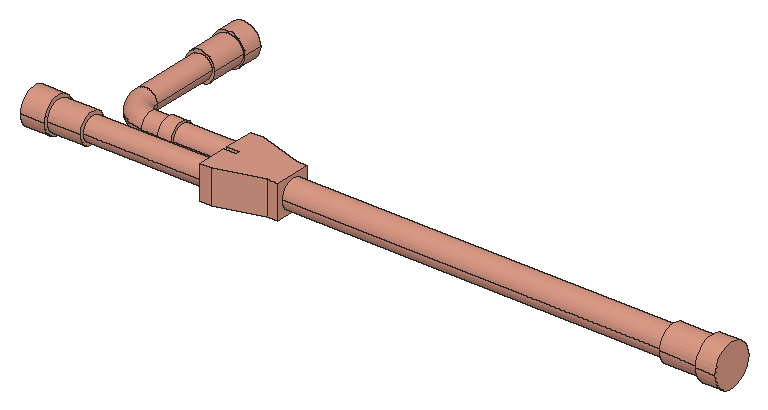
Revit family "outputfile", category 配管付属品, Revit 2024
Family settings
  丸型コネクタ寸法 = 半径を使用
  パーツ タイプ = 標準
  OmniClass 番号 = 23.65.55.00
  OmniClass タイトル = Distribution of Supplied Liquids/Gases
  作業面ベース = いいえ
  常に垂直 = はい
  ロード時にボイドで切り取り = いいえ
  共有 = いいえ
Parameters (values of type "BHFP26R135")
  Description = ""
  製造元 = "Daikin"
  書き出し IFC クラス(タイプ) = "IfcPipeFittingType"
  Default Elevation = 0.0 mm
  定義済み IFC タイプ(タイプ) = "JUNCTION"
  Cost = 0
  モデル = "BHFP26R135"
  Type Comments = ""
  Keynote = ""
  Type Image = (empty or 0)
  Assembly Code = ""
  table_PipeToCU_B [instance] = if(mm⇔inch, "Multi Module Kit_BHFP26R-_Gas_PipeToCU_B", "Multi Module Kit_BHFP26R-_Gas_PipeToCU_B_inch")  # "Multi Module Kit_BHFP26R-_Gas_PipeToCU_B"
  table_PipeToCU_A [instance] = if(mm⇔inch, "Multi Module Kit_BHFP26R-_Gas_PipeToCU_A", "Multi Module Kit_BHFP26R-_Gas_PipeToCU_A_inch")  # "Multi Module Kit_BHFP26R-_Gas_PipeToCU_A"
  table_ToMainPipe [instance] = if(mm⇔inch, "Multi Module Kit_BHFP26R-_Gas_ToMainPipe", "Multi Module Kit_BHFP26R-_Gas_ToMainPipe_inch")  # "Multi Module Kit_BHFP26R-_Gas_ToMainPipe"
  switch_PipeToCU_B Reducer [instance] = if(and(Is_PipeToCU_B Reducer = 1, judge_IsOffsetPipe_ToOutdoorUnitB = 0), 1 = 1, 1 = 0)  # no
  switch_PipeToCU_B4 [instance] = if(number_PipeToCU_B < 4, 1 = 0, 1 = 1)  # no
  switch_PipeToCU_B3 [instance] = if(number_PipeToCU_B < 3, 1 = 0, 1 = 1)  # no
  switch_PipeToCU_B2 [instance] = if(number_PipeToCU_B < 2, 1 = 0, 1 = 1)  # yes
  switch_PipeToCU_A Reducer [instance] = if(Is_PipeToCU_A Reducer = 1, 1 = 1, 1 = 0)  # yes
  switch_ToMainPipe Reducer [instance] = if(Is_ToMainPipe Reducer = 1, 1 = 1, 1 = 0)  # no
  switch_ToMainPipe2 [instance] = if(number_ToMainPipe < 2, 1 = 0, 1 = 1)  # yes
  switch_Offset Reducer(4) [instance] = if(and([judge_JointType(1or2)] = 1, Is_PipeToCU_B Reducer = 1, judge_IsOffsetPipe_ToOutdoorUnitB = 1), 1 = 1, 1 = 0)  # no
  switch_Offset Reducer(3) [instance] = if(and([judge_JointType(1or2)] = 2, Is_PipeToCU_B Reducer = 1, judge_IsOffsetPipe_ToOutdoorUnitB = 1), 1 = 1, 1 = 0)  # no
  r_PipeToCU_B_ActualDiameter [instance] = PipeToCU_B_Gas_ActualDiameter / 2  # 17.45 mm
  r_PipeToCU_A_ActualDiameter [instance] = PipeToCU_A_Gas_ActualDiameter / 2  # 17.45 mm
  r_ToMainPipe_ActualDiameter [instance] = ToMainPipe_Gas_ActualDiameter / 2  # 20.65 mm
  number_PipeToCU_B ReducerPipe [instance] = size_lookup(table_PipeToCU_B, "reducerPipeNumber", 0, モデル, judge_IsOffsetPipe_ToOutdoorUnitB, PipeToCU_B_Gas_ActualDiameter)  # 0
  number_PipeToCU_B [instance] = size_lookup(table_PipeToCU_B, "pipeNumber", 2, モデル, judge_IsOffsetPipe_ToOutdoorUnitB, PipeToCU_B_Gas_ActualDiameter)  # 2
  number_PipeToCU_A ReducerPipe [instance] = size_lookup(table_PipeToCU_A, "reducerPipeNumber", 2, モデル, PipeToCU_A_Gas_ActualDiameter)  # 2
  number_ToMainPipe [instance] = size_lookup(table_ToMainPipe, "pipeNumber", 2, モデル, ToMainPipe_Gas_ActualDiameter)  # 2
  mm⇔inch [instance] = yes
  location_PipeToCU_A ReducerCenter [instance] = size_lookup(table_PipeToCU_A, "LocationCenter", 46.5 mm, モデル)  # 46.5 mm
  l_PipeToCU_A Reducer2 [instance] = size_lookup(table_PipeToCU_A, "L_ReducerPipe2", 20.0 mm, モデル)  # 20.0 mm
  l_PipeToCU_A Reducer1 [instance] = size_lookup(table_PipeToCU_A, "L_ReducerPipe1", 36.0 mm, モデル)  # 36.0 mm
  l_PipeToCU_A Reducer0 [instance] = size_lookup(table_PipeToCU_A, "L_ReducerPipe0", 100.0 mm, モデル)  # 100.0 mm
  Unit Type = "BHFP26R-_Gas"
  Uniclass2015Version = "Products v1.31"
  Uniclass2015Title = "Copper pipe fittings"
  Uniclass2015Code = "Pr_65_52_63_18"
  URL = ""
  ToMainPipe_Gas_Status [instance] = size_lookup(table_ToMainPipe, "Information", "The connected pipe size is not available.", モデル, ToMainPipe_Gas_ActualDiameter)  # "Default connector size is used."
  ToMainPipe_Gas_ActualDiameter [instance] = 41.3 mm
  Tag No. [instance] = ""
  Series = "Multi Module kit"
  PipeToCU_B_Gas_Status [instance] = size_lookup(table_PipeToCU_B, "Information", "The connected pipe size is not available.", モデル, judge_IsOffsetPipe_ToOutdoorUnitB, PipeToCU_B_Gas_ActualDiameter)  # "Default connector size is used."
  PipeToCU_B_Gas_ActualDiameter [instance] = 34.9 mm
  PipeToCU_A_Gas_Status [instance] = size_lookup(table_PipeToCU_A, "Information", "The connected pipe size is not available.", モデル, PipeToCU_A_Gas_ActualDiameter)  # "Reducer is used at connector."
  PipeToCU_A_Gas_ActualDiameter [instance] = 34.9 mm
  Material_Piping = DAIKIN_Copper_Pipe
  Material_Insulation = DAIKIN_White_Insulation
  location_PipeToCU_B connector [instance] = size_lookup(table_PipeToCU_B, "Locationconnector", 0.0 mm, モデル, judge_IsOffsetPipe_ToOutdoorUnitB, PipeToCU_B_Gas_ActualDiameter)  # 0.0 mm
  location_PipeToCU_A connector [instance] = size_lookup(table_PipeToCU_A, "Locationconnector", 120.0 mm, モデル, PipeToCU_A_Gas_ActualDiameter)  # 120.0 mm
  l_PipeToCU_B connector [instance] = size_lookup(table_PipeToCU_B, "Length", 185.0 mm, モデル, judge_IsOffsetPipe_ToOutdoorUnitB, PipeToCU_B_Gas_ActualDiameter)  # 185.0 mm
  l_PipeToCU_B Reducer [instance] = 100.0 mm  # constant formula
  l_PipeToCU_B4 [instance] = size_lookup(table_PipeToCU_B, "L_Pipe4", 2.0 mm, モデル)  # 2.0 mm
  l_PipeToCU_B3 [instance] = size_lookup(table_PipeToCU_B, "L_Pipe3", 2.0 mm, モデル)  # 2.0 mm
  l_PipeToCU_B2 [instance] = size_lookup(table_PipeToCU_B, "L_Pipe2", 25.0 mm, モデル)  # 25.0 mm
  l_PipeToCU_B1 [instance] = size_lookup(table_PipeToCU_B, "L_Pipe1", 35.0 mm, モデル)  # 35.0 mm
  l_PipeToCU_B0 [instance] = size_lookup(table_PipeToCU_B, "L_Pipe0", 125.0 mm, モデル)  # 125.0 mm
  l_PipeToCU_A connector [instance] = size_lookup(table_PipeToCU_A, "Length", 156.0 mm, モデル, PipeToCU_A_Gas_ActualDiameter)  # 156.0 mm
  l_PipeToCU_A1 [instance] = size_lookup(table_PipeToCU_A, "L_Pipe1", 14.0 mm, モデル)  # 14.0 mm
  l_PipeToCU_A0 [instance] = size_lookup(table_PipeToCU_A, "L_Pipe0", 59.5 mm, モデル)  # 59.5 mm
  l_ToMainPipe connector [instance] = size_lookup(table_ToMainPipe, "Length", 457.0 mm, モデル, ToMainPipe_Gas_ActualDiameter)  # 457.0 mm
  l_ToMainPipe Reducer [instance] = size_lookup(table_ToMainPipe, "L_Reducer", 2.0 mm, モデル, ToMainPipe_Gas_ActualDiameter)  # 2.0 mm
  l_ToMainPipe2 [instance] = size_lookup(table_ToMainPipe, "L_Pipe2", 20.0 mm, モデル)  # 20.0 mm
  l_ToMainPipe1 [instance] = size_lookup(table_ToMainPipe, "L_Pipe1", 40.0 mm, モデル)  # 40.0 mm
  l_ToMainPipe0 [instance] = size_lookup(table_ToMainPipe, "L_Pipe0", 397.0 mm, モデル)  # 397.0 mm
  judge_IsOffsetPipe_ToOutdoorUnitB [instance] = if(OffsetPipe_ToNextCU, 1, 0)  # 0
  judge_JointType(1or2) = 2
  count_PipeToCU_B Reducer [instance] = size_lookup(table_PipeToCU_B, "reducerCount", 0, モデル, judge_IsOffsetPipe_ToOutdoorUnitB, PipeToCU_B_Gas_ActualDiameter)  # 0
  count_PipeToCU_A Reducer [instance] = size_lookup(table_PipeToCU_A, "reducerCount", 1, モデル, PipeToCU_A_Gas_ActualDiameter)  # 1
  angle_PipeToCU_A Pipe [instance] = if(RotateBranchPipetoCU_A_90°, 90.00°, 0.00°)  # 0.00°
  angle_PipeToCU_A Connector [instance] = angle_PipeToCU_A Pipe + 90.00°  # 90.00°
  PipeToCU_B_Gas_AvailableDiameter [instance] = size_lookup(table_PipeToCU_B, "sizeVariation", "", モデル, judge_IsOffsetPipe_ToOutdoorUnitB)  # "28.6/34.9mm"
  PipeToCU_A_Gas_AvailableDiameter [instance] = size_lookup(table_PipeToCU_A, "sizeVariation", "", モデル)  # "28.6/34.9mm"
  ToMainPipe_Gas_AvailableDiameter [instance] = size_lookup(table_ToMainPipe, "sizeVariation", "", モデル)  # "34.9/41.3mm"
  RotateBranchPipetoCU_A_90° [instance] = no
  OffsetPipe_ToNextCU [instance] = no
  O.D_ToMainPipe Reducer [instance] = size_lookup(table_ToMainPipe, "O.D_reducer", 2.0 mm, モデル, ToMainPipe_Gas_ActualDiameter)  # 2.0 mm
  Link_Nested Family [instance] = ""
  Is_PipeToCU_B Reducer [instance] = size_lookup(table_PipeToCU_B, "IsReducer", 0, モデル, judge_IsOffsetPipe_ToOutdoorUnitB, PipeToCU_B_Gas_ActualDiameter)  # 0
  Is_PipeToCU_A Reducer [instance] = size_lookup(table_PipeToCU_A, "IsReducer", 1, モデル, PipeToCU_A_Gas_ActualDiameter)  # 1
  Is_ToMainPipe Reducer [instance] = size_lookup(table_ToMainPipe, "IsReducer", 0, モデル, ToMainPipe_Gas_ActualDiameter)  # 0
  IfcVersion = ""
  IfcExportType = "JUNCTION"
  IfcExportAs = "IfcPipeFittingType"
  Attach_Insulation [instance] = no
  I.D_PipeToCU_B4 [instance] = size_lookup(table_PipeToCU_B, "I.D_PipeSize4", 2.0 mm, モデル)  # 2.0 mm
  I.D_PipeToCU_B3 [instance] = size_lookup(table_PipeToCU_B, "I.D_PipeSize3", 2.0 mm, モデル)  # 2.0 mm
  I.D_PipeToCU_B2 [instance] = size_lookup(table_PipeToCU_B, "I.D_PipeSize2", 34.9 mm, モデル)  # 34.9 mm
  I.D_PipeToCU_B1 [instance] = size_lookup(table_PipeToCU_B, "I.D_PipeSize1", 28.6 mm, モデル)  # 28.6 mm
  I.D_PipeToCU_B0 [instance] = size_lookup(table_PipeToCU_B, "I.D_PipeSize0", 22.2 mm, モデル)  # 22.2 mm
  I.D_PipeToCU_A1 [instance] = 25.4 mm  # constant formula
  I.D_PipeToCU_A0 [instance] = 22.2 mm  # constant formula
  I.D_ToMainPipe Reducer [instance] = size_lookup(table_ToMainPipe, "I.D_reducer", 2.0 mm, モデル, ToMainPipe_Gas_ActualDiameter)  # 2.0 mm
  I.D_ToMainPipe2 [instance] = size_lookup(table_ToMainPipe, "I.D_PipeSize2", 41.3 mm, モデル)  # 41.3 mm
  I.D_ToMainPipe1 [instance] = size_lookup(table_ToMainPipe, "I.D_PipeSize1", 34.9 mm, モデル)  # 34.9 mm
  I.D_ToMainPipe0 [instance] = size_lookup(table_ToMainPipe, "I.D_PipeSize0", 27.1 mm, モデル)  # 27.1 mm
Reference planes
  plane 1 "Center (Front/Back)": y = 0
  plane 2: z = 0
  plane 3 "Center (Left/Right)": x = 225.65
  plane 4: x = 205.65
  plane 5: x = 165.65
  plane 6: x = -231.35
  plane 7: x = -301.35
  plane 8: x = -374.85
  plane 9: x = -426.35
  plane 10: x = -461.35
  plane 11: x = -486.35
  plane 12: x = -488.35
  plane 13: x = -490.35
  plane 14 "offset_center": y = 17.5
  plane 15: y = -17.491
  plane 16: x = -360.85
  plane 17: x = -189.75
  plane 18 "ToMainPipe_connector": x = 225.65
  plane 19 "connector_OutdoorunitA": x = -421.35
  plane 20 "connectorLocation_TooutdoorUnitB": y = -17.491
  plane 21 "connector_ToOutdoorUnitB": x = -486.35
Forms (mm)
  Extrusion 1, solid, material "DAIKIN_Copper_Pipe" <- "Material_Piping"
    sketch origin (0, 0, 0) x (1, 0, 0) y (0, 1, 0)
      loop
        line (-301.35, 1.998) -> (-289.35, 1.998) -> (-289.35, -1.998) -> (-301.35, -1.998) -> (-301.35, -33.29) -> (-289.35, -33.29) -> (-243.35, -19.109) -> (-231.35, -19.109) -> (-231.35, 18.821) -> (-243.35, 18.821) -> (-289.35, 33.29) -> (-301.35, 33.29) -> (-301.35, 1.998)
    from -17.5 to 17.5
Dimensions and locks
  locked: Extrusion 1 sketch curve to Extrusion 1 sketch curve at 37.93
  locked: Extrusion 1 sketch curve to Extrusion 1 sketch curve at 66.58
  plane 6 to plane 17 = 41.6 mm
  "l_PipeToCU_A0": plane 16 to plane 7
  "l_PipeToCU_A1": plane 8 to plane 16
  "l_PipeToCU_B0": plane 9 to plane 7
  "l_PipeToCU_B1": plane 10 to plane 9
  "l_PipeToCU_B2": plane 11 to plane 10
  "l_PipeToCU_B3": plane 12 to plane 11
  "l_PipeToCU_B4": plane 13 to plane 12
  locked: plane 7 to plane 6 at 70
  "l_ToMainPipe1": plane 5 to plane 4
  "l_ToMainPipe2": plane 4 to plane 3 "Center (Left/Right)"
  "l_ToMainPipe0": plane 6 to plane 5
  "l_ToMainPipe connector": plane 6 to plane 18 "ToMainPipe_connector"
  "location_PipeToCU_A connector": plane 19 "connector_OutdoorunitA" to plane 7
  "l_PipeToCU_B connector": plane 21 "connector_ToOutdoorUnitB" to plane 7
  "location_PipeToCU_B connector": plane 20 "connectorLocation_TooutdoorUnitB" to plane 15
  plane 14 "offset_center" to plane 1 "Center (Front/Back)" to plane 15 = 17.5 mm locked, 17.491 mm locked
  plane 10 to plane 7 = 160.0 mm
  aligned and locked: level to plane 2
  aligned and locked: plane 2 to nested 1
  aligned and locked: plane 1 "Center (Front/Back)" to nested 1
  aligned and locked: plane 3 "Center (Left/Right)" to nested 1
  aligned and locked: plane 4 to nested 1
  aligned and locked: plane 4 to nested 2
  aligned and locked: plane 5 to nested 2
  aligned and locked: plane 5 to nested 3
  aligned and locked: plane 6 to nested 3
  aligned and locked: plane 6 to Extrusion 1
  aligned and locked: Extrusion 1 to plane 7  (x2)
  aligned and locked: plane 7 to nested 4
  aligned and locked: plane 8 to nested 5
  aligned and locked: plane 16 to nested 5
  aligned and locked: nested 5 to plane 14 "offset_center"
  aligned and locked: nested 6 to plane 15
  aligned and locked: plane 7 to nested 6
  aligned and locked: plane 9 to nested 6
  aligned and locked: plane 10 to nested 7
  aligned and locked: plane 9 to nested 7
  aligned and locked: plane 11 to nested 8
  aligned and locked: plane 10 to nested 8
  aligned and locked: plane 12 to nested 9
  aligned and locked: plane 11 to nested 9
  aligned and locked: plane 13 to nested 10
  aligned and locked: plane 12 to nested 10
  aligned and locked: nested 10 to plane 15
  aligned and locked: nested 9 to plane 15
  aligned and locked: nested 8 to plane 15
  aligned and locked: nested 7 to plane 15
  aligned and locked: plane 1 "Center (Front/Back)" to nested 11
  aligned and locked: plane 17 to nested 11
  aligned and locked: plane 16 to nested 4
  aligned and locked: nested 12 to plane 14 "offset_center"
  aligned and locked: plane 8 to nested 12
  aligned and locked: nested 13 to plane 15
  aligned and locked: nested 14 to plane 15
  aligned and locked: plane 6 to nested 15
  aligned and locked: plane 1 "Center (Front/Back)" to nested 3
  aligned and locked: plane 14 "offset_center" to nested 16
  aligned and locked: nested 16 to plane 19 "connector_OutdoorunitA"
  aligned and locked: nested 17 to plane 20 "connectorLocation_TooutdoorUnitB"
  aligned and locked: nested 17 to plane 7
  aligned and locked: nested 13 to plane 10
  aligned and locked: nested 14 to plane 10
Automatic sketch dimensions
  Extrusion 1 sketch curve to plane 7 = 0.0 mm  (x2)
  Extrusion 1 sketch curve to plane 6 = 0.0 mm
  Extrusion 1 sketch curve to Extrusion 1 sketch curve = 12.0 mm  (x3)
  Extrusion 1 sketch curve to plane 1 "Center (Front/Back)" = 1.998 mm
  plane 14 "offset_center" to Extrusion 1 sketch curve = 1.321 mm
  Extrusion 1 sketch curve to plane 6 = 12.0 mm  (x2)
  Extrusion 1 sketch curve to plane 15 = 15.799 mm
  plane 1 "Center (Front/Back)" to Extrusion 1 sketch curve = 1.998 mm
Nested families
  nested 1: "daikin_Pipe" at (215.65, 0, 0), I.D_Pipe <- "I.D_ToMainPipe2", display <- "switch_ToMainPipe2", type "*"
    with length_Pipe 20.0 mm, display yes, O.D_Pipe 43.3 mm, I.D_Pipe 41.3 mm
  nested 2: "daikin_Pipe" at (185.65, 0, 0), I.D_Pipe <- "I.D_ToMainPipe1", type "*"
    with length_Pipe 40.0 mm, display yes, O.D_Pipe 36.9 mm, I.D_Pipe 34.9 mm
  nested 3: "daikin_Pipe" at (-32.85, 0, 0), I.D_Pipe <- "I.D_ToMainPipe0", type "*"
    with length_Pipe 397.0 mm, display yes, O.D_Pipe 29.1 mm, I.D_Pipe 27.1 mm
  nested 4: "daikin_Pipe" at (-331.1, 17.644, 0), I.D_Pipe <- "I.D_PipeToCU_A0", type "*"
    with length_Pipe 59.5 mm, display yes, O.D_Pipe 24.2 mm, I.D_Pipe 22.2 mm
  nested 5: "daikin_Pipe" at (-367.85, 17.5, 0), I.D_Pipe <- "I.D_PipeToCU_A1", type "*"
    with length_Pipe 14.0 mm, display yes, O.D_Pipe 27.4 mm, I.D_Pipe 25.4 mm
  nested 6: "daikin_Pipe" at (-363.85, -17.491, 0), I.D_Pipe <- "I.D_PipeToCU_B0", type "*"
    with length_Pipe 125.0 mm, display yes, O.D_Pipe 24.2 mm, I.D_Pipe 22.2 mm
  nested 7: "daikin_Pipe" at (-443.85, -17.491, 0), I.D_Pipe <- "I.D_PipeToCU_B1", type "*"
    with length_Pipe 35.0 mm, display yes, O.D_Pipe 30.6 mm, I.D_Pipe 28.6 mm
  nested 8: "daikin_Pipe" at (-473.85, -17.491, 0), I.D_Pipe <- "I.D_PipeToCU_B2", display <- "switch_PipeToCU_B2", type "*"
    with length_Pipe 25.0 mm, display yes, O.D_Pipe 36.9 mm, I.D_Pipe 34.9 mm
  nested 9: "daikin_Pipe" at (-487.35, -17.491, 0), display <- "switch_PipeToCU_B3", I.D_Pipe <- "I.D_PipeToCU_B3", visible <- "switch_PipeToCU_B3", type "*"
    with length_Pipe 2.0 mm, display no, O.D_Pipe 4.0 mm, I.D_Pipe 2.0 mm
  nested 10: "daikin_Pipe" at (-489.35, -17.491, 0), display <- "switch_PipeToCU_B4", I.D_Pipe <- "I.D_PipeToCU_B4", visible <- "switch_PipeToCU_B4", type "*"
    with length_Pipe 2.0 mm, display no, O.D_Pipe 4.0 mm, I.D_Pipe 2.0 mm
  nested 11: "daikin_MultiModeluKit_Insulation" at (-189.75, 0, 0), display <- "Attach_Insulation", type "*"
    with h 54.2 mm, display no, I.D_Outlet PipeSize 22.2 mm
  nested 12: "daikin_Multi Module kit_Reducer90_rotate" at (-374.85, 17.5, 0), number_reducerPipe <- "number_PipeToCU_A ReducerPipe", angle_Pipe <- "angle_PipeToCU_A Pipe", l_Pipe0 <- "l_PipeToCU_A Reducer0", l_Pipe1 <- "l_PipeToCU_A Reducer1", l_Pipe2 <- "l_PipeToCU_A Reducer2", location_center <- "location_PipeToCU_A ReducerCenter", type "*"
    with number_reducerPipe 2, location_center 46.5 mm, l_Pipe2 20.0 mm, l_Pipe1 36.0 mm, l_Pipe0 100.0 mm, display_Pipe2 yes, angle_Pipe 0.00°, I.D_connector 19.1 mm
  nested 13: "daikin_Multi Module kit_Reducer Offset1" at (-461.35, -17.491, 0), number_reducerPipe <- "number_PipeToCU_B ReducerPipe", visible <- "switch_Offset Reducer(3)", type "*"
    with number_reducerPipe 0, display_Pipe2 no
  nested 14: "daikin_Multi Module kit_Reducer Offset2" at (-461.35, -17.491, 0), number_reducerPipe <- "number_PipeToCU_B ReducerPipe", visible <- "switch_Offset Reducer(4)", I.D_connector <- "PipeToCU_B_Gas_ActualDiameter", type "*"
    with number_reducerPipe 0, display_Pipe2 no, I.D_connector 34.9 mm
  nested 15: "daikin_connector_rotate3" at (-231.35, 0, 0) x (0, 1, 0) z (0, 0, 1), length <- "l_ToMainPipe connector", type "daikin_connector_rotate3"
    with radius 10.0 mm, length 457.0 mm, angle_vertical 90.00°, angle_horizontal 0.00°
  nested 16: "daikin_connector_rotate3" at (-421.35, 17.5, 0) x (-1, 0, 0) z (0, 0, 1), length <- "l_PipeToCU_A connector", angle_vertical <- "angle_PipeToCU_A Connector", type "daikin_connector_rotate3"
    with radius 10.0 mm, length 156.0 mm, angle_vertical 90.00°, angle_horizontal 0.00°
  nested 17: "daikin_connector_rotate3" at (-301.35, -17.491, 0) x (0, -1, 0) z (0, 0, 1), length <- "l_PipeToCU_B connector", type "daikin_connector_rotate3"
    with radius 10.0 mm, length 185.0 mm, angle_vertical 90.00°, angle_horizontal 0.00°
Connectors
  piping at (225.65, 0, 0), diameter 41.3, driven by "r_ToMainPipe_ActualDiameter"
    settings: on nested 15, index 1, connector inside diameter 609.6 mm, connector length 0.0 mm, flow factor 0, pipe flow 0.00 m³/h, pressure drop 0.0 Pa, fitting loss kfactor 0, connector angle 0.00°, fixture units 0, engagement length 0.0 mm, angle of deflection 0.00°, flow configuration 0, flow direction 1, fitting loss method 0, system type 29, joint type 0, gender type 0, connector reference index -1, connector utility 0, adjustable connector no, is connector primary yes, connector description "Multi Module kit_to Main Pipe_Gas"
  piping at (-421.35, 173.5, 0), diameter 34.9, driven by "r_PipeToCU_A_ActualDiameter"
    settings: on nested 16, index 2, connector inside diameter 609.6 mm, connector length 0.0 mm, flow factor 0, pipe flow 0.00 m³/h, pressure drop 0.0 Pa, fitting loss kfactor 0, connector angle 0.00°, fixture units 0, engagement length 0.0 mm, angle of deflection 0.00°, flow configuration 0, flow direction 2, fitting loss method 0, system type 29, joint type 0, gender type 0, connector reference index -1, connector utility 0, adjustable connector no, is connector primary no, connector description "Multi Module kit_Piping to CU-A_Gas"
  piping at (-486.35, -17.491, 0), diameter 34.9, driven by "r_PipeToCU_B_ActualDiameter"
    settings: on nested 17, index 3, connector inside diameter 609.6 mm, connector length 0.0 mm, flow factor 0, pipe flow 0.00 m³/h, pressure drop 0.0 Pa, fitting loss kfactor 0, connector angle 0.00°, fixture units 0, engagement length 0.0 mm, angle of deflection 0.00°, flow configuration 0, flow direction 2, fitting loss method 0, system type 29, joint type 0, gender type 0, connector reference index -1, connector utility 0, adjustable connector no, is connector primary no, connector description "Multi Module kit_Piping to CU-B_Gas"
Definition of nested family "daikin_Pipe"
  Parameters (values of type "*")
    Default Elevation = 0.0 mm
    material = none
    length_Pipe [instance] = 150.0 mm
    display [instance] = yes
    O.D_Pipe [instance] = I.D_Pipe + 2.0 mm  # 27.0 mm
    I.D_Pipe [instance] = 25.0 mm
  Reference planes
    plane 1 "Center (Front/Back)": y = 0
    plane 2 "center(vertical)": z = 0
    plane 3 "Center (Left/Right)": x = 0
    plane 4 "left": x = -75
    plane 5 "right": x = 75
  Forms (mm)
    Extrusion 1, solid, material <- "material", visible <- "display"
      sketch origin (0, 0, 0) x (0, 1, 0) y (0, 0, 1)
        loop
          circle (0, 0) r 13.5
      from -75 to 75
  Dimensions and locks
    equal spacing: plane 4 "left", plane 3 "Center (Left/Right)", plane 5 "right"
    "length_Pipe": plane 4 "left" to plane 5 "right"
    "O.D_Pipe": diameter of Extrusion 1 sketch curve
    aligned and locked: level to plane 2 "center(vertical)"
    aligned and locked: plane 2 "center(vertical)" to Extrusion 1 sketch curve
    aligned and locked: plane 1 "Center (Front/Back)" to Extrusion 1 sketch curve
    aligned and locked: plane 5 "right" to Extrusion 1
    aligned and locked: Extrusion 1 to plane 4 "left"
Definition of nested family "daikin_Multi Module kit_Reducer90_rotate"
  Parameters (values of type "*")
    Default Elevation = 0.0 mm
    number_reducerPipe [instance] = 4
    material_Pipe = none
    location_center [instance] = 46.5 mm
    l_Pipe2 [instance] = 20.0 mm
    l_Pipe1 [instance] = 36.0 mm
    l_Pipe0 [instance] = 100.0 mm
    display_Pipe2 [instance] = if(number_reducerPipe < 2, 1 = 0, 1 = 1)  # yes
    angle_Pipe [instance] = 30.00°
    I.D_connector [instance] = 34.9 mm
  Reference planes
    plane 1 "Center (Front/Back)": y = 0
    plane 2: z = 0
    plane 3 "Center (Left/Right)": x = 0
  Dimensions and locks
    "angle_Pipe": angle plane 2 to nested 1
    aligned and locked: level to plane 2
  Nested families
    nested 1: "daikin_Multi Module kit_Reducer90" at (0, 0, 0) x (1, 0, 0) z (0, -0.5, 0.866), display_Pipe2 <- "display_Pipe2", I.D_connector <- "I.D_connector", l_Pipe0 <- "l_Pipe0", l_Pipe1 <- "l_Pipe1", l_Pipe2 <- "l_Pipe2", location_center <- "location_center", type "*"
      with display_Pipe2 yes, I.D_connector 34.9 mm
  Definition of nested family "daikin_Multi Module kit_Reducer90"
    Parameters (values of type "*")
      Default Elevation = 0.0 mm
      material_Pipe = none
      location_center [instance] = 46.5 mm
      l_Pipe2 [instance] = 20.0 mm
      l_Pipe1 [instance] = 36.0 mm
      l_Pipe0 [instance] = 100.0 mm
      display_Pipe2 [instance] = yes
      O.D_Pipe2 = 34.9 mm  # constant formula
      O.D_Pipe1 = 28.6 mm + 2.0 mm  # 30.6 mm
      O.D_Pipe0 = 23.8 mm  # constant formula
      I.D_connector [instance] = 0.0 mm
    Reference planes
      plane 1 "Center (Front/Back)": y = 0
      plane 2 "center_vertical": z = 0
      plane 3 "Center (Left/Right)": x = 0
      plane 4 "center_toOutdoor": x = -46.5
      plane 5: y = 100
      plane 6: y = 136
      plane 7: y = 156
    Forms (mm)
      Sweep 1, solid, material <- "material_Pipe"
        path origin (0, 0, 0) x (1, 0, 0) y (0, 1, 0)
          loop
            line (0, 0) -> (-18.241, 0)
            arc (-18.241, 0) -> (-38.223, 8.277) -> (-46.5, 28.259) r 28.259
            line (-46.5, 28.259) -> (-46.5, 100)
        profile origin (-9.12, 0, 0) x (0, -1, 0) y (0, 0, 1)
          loop
            circle (0, 0) r 11.9
      Extrusion 2, solid, material <- "material_Pipe"
        sketch origin (0, 0, 0) x (1, 0, 0) y (0, 0, 1)
          loop
            circle (-46.5, 0) r 15.3
        from -136 to -100
      Extrusion 3, solid, material <- "material_Pipe", visible <- "display_Pipe2"
        sketch origin (75, -2.05, 0) x (1, 0, 0) y (0, 0, 1)
          loop
            circle (-121.5, 0) r 17.45
        from -158.05 to -138.05
    Lines and regions (mm)
      reference lines
        curve 1: line (0, 0, 0) -> (-46.5, 0, 0)
    Dimensions and locks
      "l_Pipe0": plane 1 "Center (Front/Back)" to plane 5
      "l_Pipe1": plane 6 to plane 5
      "l_Pipe2": plane 7 to plane 6
      "location_center": plane 4 "center_toOutdoor" to plane 3 "Center (Left/Right)"
      "O.D_Pipe2": diameter of Extrusion 3 sketch curve
      "O.D_Pipe0": diameter of Sweep 1 sketch curve
      "O.D_Pipe1": diameter of Extrusion 2 sketch curve
      aligned and locked: level to plane 2 "center_vertical"
      aligned and locked: plane 6 to Extrusion 2
      aligned and locked: Extrusion 2 to plane 5
      aligned and locked: Extrusion 3 to plane 6
      aligned and locked: Sweep 1 sketch curve to plane 1 "Center (Front/Back)"
      aligned and locked: plane 3 "Center (Left/Right)" to curve 1
      aligned and locked: curve 1 to plane 1 "Center (Front/Back)"
      aligned and locked: plane 7 to Extrusion 3
    Automatic sketch dimensions
      Sweep 1 sketch curve to plane 4 "center_toOutdoor" = 0.0 mm
      Sweep 1 sketch curve to plane 3 "Center (Left/Right)" = 0.0 mm
      Sweep 1 sketch curve to plane 5 = 0.0 mm
      Sweep 1 sketch curve to plane 3 "Center (Left/Right)" = 18.241 mm
      curve 1 to plane 4 "center_toOutdoor" = 0.0 mm
      Sweep 1 sketch curve to level = 0.0 mm
      Sweep 1 sketch curve to profile plane = 0.0 mm
      Extrusion 2 sketch curve to level = 0.0 mm
      Extrusion 2 sketch curve to plane 4 "center_toOutdoor" = 0.0 mm
      Extrusion 3 sketch curve to level = 0.0 mm
      Extrusion 3 sketch curve to plane 4 "center_toOutdoor" = 0.0 mm
Definition of nested family "daikin_Multi Module kit_Reducer Offset1"
  Parameters (values of type "*")
    Default Elevation = 0.0 mm
    number_reducerPipe [instance] = 4
    material = none
    display_Pipe2 [instance] = if(number_reducerPipe < 2, 1 = 0, 1 = 1)  # yes
    O.D_Pipe2 = 34.9 mm + 2.0 mm  # 36.9 mm
    O.D_Pipe1 = 28.6 mm + 2.0 mm  # 30.6 mm
    O.D_Pipe0 = 28.6 mm  # constant formula
  Reference planes
    plane 1 "Center (Front/Back)": y = 0
    plane 2: z = 0
    plane 3 "Center (Left/Right)": x = 0
    plane 4: y = -35
    plane 5: x = -252
    plane 6: x = -300
    plane 7: x = -310
  Forms (mm)
    Extrusion 1, solid, material <- "material"
      sketch origin (-56.734, 401.522, 0) x (0, 1, 0) y (0, 0, 1)
        loop
          circle (-436.522, 0) r 15.3
      from -243.266 to -195.266
    Sweep 2, solid, material <- "material"
      path origin (0, 0, 0) x (1, 0, 0) y (0, 1, 0)
        loop
          line (0, 0) -> (-49.684, 0)
          arc (-49.684, 0) -> (-59.87, -1.319) -> (-69.384, -5.188) r 40
          line (-69.384, -5.188) -> (-112.9, -29.812)
          arc (-112.9, -29.812) -> (-122.414, -33.681) -> (-132.6, -35) r 40
          line (-132.6, -35) -> (-252, -35)
      profile origin (-24.842, 0, 0) x (0, -1, 0) y (0, 0, 1)
        loop
          circle (0, 0) r 14.3
    Extrusion 3, solid, material <- "material", visible <- "display_Pipe2"
      sketch origin (-94.334, 366.344, 0) x (0, 1, 0) y (0, 0, 1)
        loop
          circle (-401.344, 0) r 18.45
      from -215.666 to -205.666
  Dimensions and locks
    locked: plane 4 to plane 1 "Center (Front/Back)" at 35
    locked: plane 6 to plane 5 at 48
    locked: plane 7 to plane 6 at 10
    plane 5 to plane 3 "Center (Left/Right)" = 252.0 mm
    locked: Sweep 2 sketch curve to plane 3 "Center (Left/Right)" at 49.684
    plane 7 to plane 3 "Center (Left/Right)" = 310.0 mm
    "O.D_Pipe1": diameter of Extrusion 1 sketch curve
    "O.D_Pipe0": diameter of Sweep 2 sketch curve
    "O.D_Pipe2": diameter of Extrusion 3 sketch curve
    aligned and locked: level to plane 2
    aligned and locked: plane 5 to Sweep 2 sketch curve
    aligned and locked: plane 3 "Center (Left/Right)" to Sweep 2 sketch curve
    aligned and locked: plane 2 to Sweep 2 sketch curve
    aligned and locked: plane 1 "Center (Front/Back)" to Sweep 2 sketch curve
    aligned and locked: plane 5 to Extrusion 1
    aligned and locked: Extrusion 1 to plane 6
    aligned and locked: plane 4 to Extrusion 1 sketch curve
    aligned and locked: plane 2 to Extrusion 1 sketch curve
    aligned and locked: plane 4 to Extrusion 3 sketch curve
    aligned and locked: plane 2 to Extrusion 3 sketch curve
    aligned and locked: plane 6 to Extrusion 3
    aligned and locked: Extrusion 3 to plane 7
  Automatic sketch dimensions
    Sweep 2 sketch curve to plane 4 = 0.0 mm
    plane 1 "Center (Front/Back)" to Sweep 2 sketch curve = 0.0 mm
    Sweep 2 sketch curve to plane 1 "Center (Front/Back)" = 5.0 mm
    plane 4 to Sweep 2 sketch curve = 5.188 mm
    plane 1 "Center (Front/Back)" to Sweep 2 sketch curve = 5.188 mm
    Sweep 2 sketch curve to Sweep 2 sketch curve = 43.516 mm
    Sweep 2 sketch curve to plane 4 = 5.0 mm
Definition of nested family "daikin_Multi Module kit_Reducer Offset2"
  Parameters (values of type "*")
    Default Elevation = 0.0 mm
    number_reducerPipe [instance] = 2
    material = none
    display_Pipe2 [instance] = if(number_reducerPipe < 2, 1 = 0, 1 = 1)  # yes
    O.D_Pipe2 = 41.3 mm + 2.0 mm  # 43.3 mm
    O.D_Pipe1 = 34.9 mm + 2.0 mm  # 36.9 mm
    O.D_Pipe0 = 34.9 mm  # constant formula
    I.D_connector [instance] = 0.0 mm
  Reference planes
    plane 1 "Center (Front/Back)": y = 0
    plane 2: z = 0
    plane 3 "Center (Left/Right)": x = 0
    plane 4: y = -17.5
    plane 5: x = -242
    plane 6: x = -278
    plane 7: x = -305
  Forms (mm)
    Extrusion 1, solid, material <- "material"
      sketch origin (-56.734, 401.522, 0) x (0, 1, 0) y (0, 0, 1)
        loop
          circle (-419.022, 0) r 18.45
      from -221.266 to -185.266
    Sweep 2, solid, material <- "material"
      path origin (0, 0, 0) x (1, 0, 0) y (0, 1, 0)
        loop
          line (0, 0) -> (-69.833, 0)
          arc (-69.833, 0) -> (-78.931, -0.596) -> (-87.873, -2.375) r 69.7
          line (-87.873, -2.375) -> (-136.432, -15.192)
          arc (-136.432, -15.192) -> (-145.252, -16.921) -> (-154.22, -17.5) r 69.7
          line (-154.22, -17.5) -> (-242, -17.5)
      profile origin (-34.916, 0, 0) x (0, -1, 0) y (0, 0, 1)
        loop
          circle (0, 0) r 17.45
    Extrusion 3, solid, material <- "material", visible <- "display_Pipe2"
      sketch origin (-94.334, 366.344, 0) x (0, 1, 0) y (0, 0, 1)
        loop
          circle (-383.844, 0) r 21.65
      from -210.666 to -183.666
  Dimensions and locks
    plane 4 to plane 1 "Center (Front/Back)" = 17.5 mm
    locked: plane 6 to plane 5 at 36
    locked: plane 7 to plane 6 at 27
    plane 7 to plane 3 "Center (Left/Right)" = 305.0 mm
    locked: Sweep 2 sketch curve to plane 3 "Center (Left/Right)" at 69.833
    locked: plane 5 to plane 3 "Center (Left/Right)" at 242
    Sweep 2 sketch curve to Sweep 2 sketch curve = 50.223 mm
    "O.D_Pipe1": diameter of Extrusion 1 sketch curve
    "O.D_Pipe0": diameter of Sweep 2 sketch curve
    "O.D_Pipe2": diameter of Extrusion 3 sketch curve
    angle Sweep 2 sketch curve to Sweep 2 sketch curve = 14.7857°
    locked: Sweep 2 sketch curve to Sweep 2 sketch curve (angle 15.00°)
    aligned and locked: level to plane 2
    aligned and locked: plane 5 to Sweep 2 sketch curve
    aligned and locked: plane 3 "Center (Left/Right)" to Sweep 2 sketch curve
    aligned and locked: plane 2 to Sweep 2 sketch curve
    aligned and locked: plane 1 "Center (Front/Back)" to Sweep 2 sketch curve
    aligned and locked: plane 5 to Extrusion 1
    aligned and locked: Extrusion 1 to plane 6
    aligned and locked: plane 4 to Extrusion 1 sketch curve
    aligned and locked: plane 2 to Extrusion 1 sketch curve
    aligned and locked: plane 4 to Extrusion 3 sketch curve
    aligned and locked: plane 2 to Extrusion 3 sketch curve
    aligned and locked: plane 6 to Extrusion 3
    aligned and locked: Extrusion 3 to plane 7
    aligned and locked: nested 1 to plane 6
    aligned and locked: plane 4 to nested 1
    aligned and locked: plane 2 to nested 2
    aligned and locked: plane 2 to nested 1
    aligned and locked: nested 2 to plane 6
    aligned and locked: plane 4 to nested 2
    aligned and locked: plane 4 to Sweep 2 sketch curve
  Automatic sketch dimensions
    plane 1 "Center (Front/Back)" to Sweep 2 sketch curve = 0.0 mm
    plane 1 "Center (Front/Back)" to Sweep 2 sketch curve = 2.375 mm
    plane 4 to Sweep 2 sketch curve = 2.308 mm
  Nested families
    nested 1: "daikin_Pipe_reducer" at (-312.75, -17.5, 0) x (-1, 0, 0) z (0, 0, 1), type "*"
      with length_Pipe 69.5 mm, display no, O.D_Pipe2 31.8 mm, O.D_Pipe1 36.9 mm, I.D_Pipe2 29.8 mm, I.D_Pipe1 34.9 mm
    nested 2: "daikin_Pipe_reducer" at (-302.75, -17.5, 0) x (-1, 0, 0) z (0, 0, 1), type "*"
      with length_Pipe 49.5 mm, display no, O.D_Pipe2 31.8 mm, O.D_Pipe1 43.3 mm, I.D_Pipe2 29.8 mm, I.D_Pipe1 41.3 mm
  Definition of nested family "daikin_Pipe_reducer"
    Parameters (values of type "*")
      Default Elevation = 0.0 mm
      material = none
      length_Pipe [instance] = 250.0 mm
      display [instance] = yes
      O.D_Pipe2 [instance] = 19.1 mm
      O.D_Pipe1 [instance] = I.D_Pipe1 + 2.0 mm  # 24.2 mm
      I.D_Pipe2 [instance] = O.D_Pipe2 - 2.0 mm  # 17.1 mm
      I.D_Pipe1 [instance] = 22.2 mm
    Reference planes
      plane 1 "Center (Front/Back)": y = 0
      plane 2 "center(vertical)": z = 0
      plane 3 "Center (Left/Right)": x = 0
      plane 4 "connection": x = -125
      plane 5 "right": x = 113
      plane 6: x = 125
    Forms (mm)
      Extrusion 1, solid, material <- "material", visible <- "display"
        sketch origin (0, 0, 0) x (0, 1, 0) y (0, 0, 1)
          loop
            circle (0, 0) r 9.55
        from -125 to 113
      Extrusion 2, solid, material <- "material", visible <- "display"
        sketch origin (0, 0, 0) x (0, 1, 0) y (0, 0, 1)
          loop
            circle (0, 0) r 12.1
        from 113 to 125
    Dimensions and locks
      locked: plane 5 "right" to plane 6 at 12
      "length_Pipe": plane 4 "connection" to plane 6
      equal spacing: plane 4 "connection", plane 3 "Center (Left/Right)", plane 6
      "O.D_Pipe2": diameter of Extrusion 1 sketch curve
      "O.D_Pipe1": diameter of Extrusion 2 sketch curve
      aligned and locked: level to plane 2 "center(vertical)"
      aligned and locked: plane 2 "center(vertical)" to Extrusion 1 sketch curve
      aligned and locked: plane 1 "Center (Front/Back)" to Extrusion 1 sketch curve
      aligned and locked: plane 5 "right" to Extrusion 1
      aligned and locked: Extrusion 1 to plane 4 "connection"
      aligned and locked: plane 2 "center(vertical)" to Extrusion 2 sketch curve
      aligned and locked: plane 1 "Center (Front/Back)" to Extrusion 2 sketch curve
      aligned and locked: Extrusion 2 to plane 5 "right"
      aligned and locked: plane 6 to Extrusion 2
Definition of nested family "daikin_MultiModeluKit_Insulation"
  Parameters (values of type "*")
    Default Elevation = 0.0 mm
    Model = ""
    material = none
    h [instance] = (I.D_Outlet PipeSize + 2.0 mm) + 30.0 mm  # 47.0 mm
    display [instance] = yes
    I.D_Outlet PipeSize [instance] = 15.0 mm
  Reference planes
    plane 1 "Center (Front/Back)": y = 0
    plane 2: z = 0
    plane 3 "Left": x = 0
    plane 4 "top": z = 23.5
    plane 5 "bottom": z = -23.5
  Forms (mm)
    Extrusion 1, solid, material <- "material", visible <- "display"
      sketch origin (0, 0, 0) x (1, 0, 0) y (0, 1, 0)
        loop
          line (0, -27.7) -> (0, 27.7) -> (-101.24, 40.131) -> (-170, 40.131) -> (-170, 6.369) -> (-266.24, 6.369) -> (-266.24, -40.131) -> (-101.24, -40.131) -> (0, -27.7)
      from -23.5 to 23.5
  Dimensions and locks
    equal spacing: plane 4 "top", plane 2, plane 5 "bottom"
    "h": plane 4 "top" to plane 5 "bottom"
    Extrusion 1 sketch curve to plane 3 "Left" = 101.24 mm
    aligned and locked: level to plane 2
    aligned and locked: plane 3 "Left" to Extrusion 1
    aligned and locked: Extrusion 1 to plane 5 "bottom"
    aligned and locked: plane 4 "top" to Extrusion 1
  Automatic sketch dimensions
    Extrusion 1 sketch curve to plane 3 "Left" = 0.0 mm
    plane 1 "Center (Front/Back)" to Extrusion 1 sketch curve = 40.131 mm
    Extrusion 1 sketch curve to Extrusion 1 sketch curve = 0.0 mm
    Extrusion 1 sketch curve to Extrusion 1 sketch curve = 68.76 mm
    Extrusion 1 sketch curve to plane 1 "Center (Front/Back)" = 6.369 mm
    Extrusion 1 sketch curve to Extrusion 1 sketch curve = 96.24 mm
    plane 1 "Center (Front/Back)" to Extrusion 1 sketch curve = 27.7 mm
    Extrusion 1 sketch curve to plane 1 "Center (Front/Back)" = 27.7 mm
    Extrusion 1 sketch curve to Extrusion 1 sketch curve = 33.761 mm
Definition of nested family "daikin_connector_rotate3"
  Parameters (values of type "daikin_connector_rotate3")
    Default Elevation = 1219.2 mm
    show_face = no
    show_circle = no
    radius [instance] = 10.0 mm
    length [instance] = 600.0 mm
    angle_horizontal [instance] = 60.00°
    angle_vertical [instance] = 90.00°
  Reference planes
    plane 1 "Center (Front/Back)": y = 0
    plane 2: z = 0
    plane 3 "Center (Left/Right)": x = 0
  Dimensions and locks
    "angle_horizontal": angle plane 3 "Center (Left/Right)" to nested 1
    aligned and locked: level to plane 2
    aligned and locked: plane 1 "Center (Front/Back)" to nested 1  (x2)
    aligned and locked: plane 3 "Center (Left/Right)" to nested 1
  Nested families
    nested 1: "daikin_connector_rotate2" at (0, 0, 0) x (0.5, 0.866, 0) z (0, 0, 1), angle_vertical <- "angle_vertical", length <- "length", radius <- "radius", type "daikin_connector_rotate2"
      with radius 10.0 mm, length 600.0 mm, angle_vertical 90.00°, Default Elevation 0.0 mm, show_circle no
  Definition of nested family "daikin_connector_rotate2"
    Parameters (values of type "daikin_connector_rotate2")
      Default Elevation = 1219.2 mm
      show_face = no
      show_circle = yes
      radius [instance] = 10.0 mm
      length [instance] = 600.0 mm
      d_surface = 10.0 mm
      angle_vertical [instance] = 90.00°
    Reference planes
      plane 1 "Center (Front/Back)": y = 0
      plane 2: z = 0
      plane 3 "Center (Left/Right)": x = 0
    Forms (mm)
      Extrusion 1, solid, visible <- "show_face"
        sketch origin (0, -600, 0) x (1, 0, 0) y (0, 0, 1)
          loop
            circle (0, 0) r 10
        from 0 to -10
    Lines and regions (mm)
      reference lines
        curve 1: line (0, 0, 0) -> (0, -600, 0)
      symbolic lines, visible <- "show_circle"
        curve 2: circle (0, 0, 0) r 5 normal (0, 0, 1)
      model lines, visible <- "show_face"
        curve 3: line (0, 0, 0) -> (0, -600, 0)
    Dimensions and locks
      "length": curve 1 to curve 1
      "length": curve 3 to curve 3
      "d_surface": Extrusion 1 to Extrusion 1
      "radius": radius of Extrusion 1 sketch curve
      "angle_vertical": angle curve 1 to plane 1 "Center (Front/Back)"
      "angle_vertical": angle curve 3 to plane 1 "Center (Front/Back)"
      aligned and locked: level to plane 2
      aligned and locked: plane 1 "Center (Front/Back)" to curve 1
      aligned and locked: plane 2 to curve 1
      aligned and locked: plane 1 "Center (Front/Back)" to curve 2
      aligned and locked: plane 3 "Center (Left/Right)" to curve 2
      aligned and locked: plane 1 "Center (Front/Back)" to curve 3
      aligned and locked: plane 2 to curve 3
      aligned and locked: Extrusion 1 to Extrusion 1
    Automatic sketch dimensions
      Extrusion 1 sketch curve to level = 0.0 mm
      Extrusion 1 sketch curve to plane 3 "Center (Left/Right)" = 0.0 mm
      radius of curve 2 = 5.0 mm
